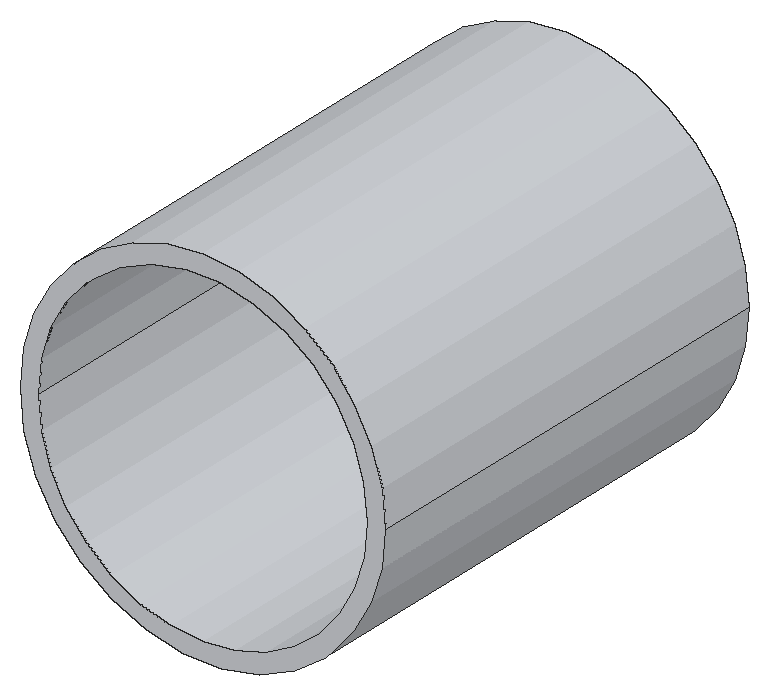
Revit family "SC3G", category Generic Models, Revit 2017
Family settings
  Can host rebar = No
  Round Connector Dimension = Use Diameter
  Part Type = Normal
  Work Plane-Based = Yes
  Always vertical = No
  Cut with Voids When Loaded = No
  Shared = No
  Room Calculation Point = No
Parameters (values of type "NBS Standard Parameters")
  Weight = "0.062Kg"
  WarrantyStartDate [instance] = "1900-12-31T23:59:59"
  WarrantyGuarantorParts = "n/a"
  WarrantyGuarantorLabor = "n/a"
  WarrantyDurationUnit = "1 year"
  WarrantyDurationParts = "n/a"
  WarrantyDurationLabor = "n/a"
  WarrantyDescription = "n/a"
  Version = "1"
  Uniclass2 = "Pr_65_70_11_20"
  TagNumber [instance] = "n/a"
  SustainabilityPerformance = "n/a"
  Size = "32mm"
  Shape = "Circular"
  SerialNumber [instance] = "n/a"
  Revision = "n/a"
  ReplacementCost = "n/a"
  ProductInformation = "www.metpro.co.uk/pdf/sc3g.pdf"
  NominalWidth = 35.5 mm
  NominalLength = 35.5 mm
  NominalHeight = 44 mm
  Name = ""
  NBSTypeID = ""
  NBSReference = "90-55-10/460"
  NBSOfficeMasterTag = ""
  NBSNote = ""
  NBSDescription = "Conduit Fittings"
  NBSCertification = ""
  ModelReference = "SC3G"
  ModelNumber = "n/a"
  Material = "Steel"
  ManufacturerURL = "www.metpro.co.uk"
  ManufacturerName = "Metpro  Ltd"
  InstallationDate [instance] = "1900-12-31T23:59:59"
  IfcExportType = ""
  IfcExportAs = ""
  Grade = "n/a"
  Finish = "Galvanised"
  Features = "n/a"
  ExpectedLife = "n/a"
  DurationUnit = "year"
  Description = "SC3G - 32mm Conduit Solid Coupler"
  Default Elevation = 1219.2 mm
  Constituents = "n/a"
  Color = "n/a"
  CodePerformance = "n/a"
  Category = "n/a"
  BarCode [instance] = "n/a"
  BIMObjectName = "Metpro_metprolibrary_conduitfittings_metalcomponent_steelaccessories"
  Author = "Metpro Ltd"
  AssetType = ""
  AssetIdentifier [instance] = "n/a"
  AccessibilityPerformance = "n/a"
Reference planes
  plane 1 "Center (Front/Back)": y = 0
  plane 2: z = 0
  plane 3 "Center (Left/Right)": x = 0
Forms (mm)
  Extrusion 1, solid
    sketch origin (159.784, 1.586, 25.952) x (-1, 0, 0) y (0, 0, 1)
      loop
        circle (210, 20) r 17.75
      loop
        circle (210, 20) r 16
    from 0 to 44
Dimensions and locks
  aligned and locked: level to plane 2
